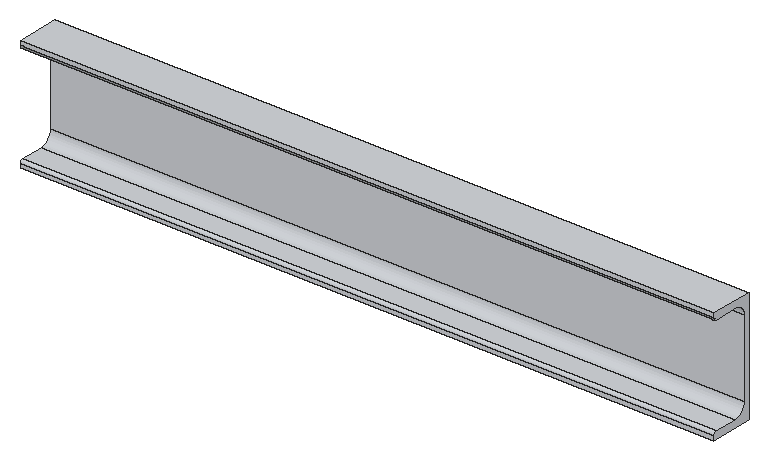
Revit family "StructuralFraming_ChannelProfile", category Structural Framing, Revit 2018
Family settings
  Structural Framing Length Roundoff = 1 mm
  Section Shape = C-channel Parallel Flange
  Material for Model Behavior = Steel
  Always export as geometry = No
  Always vertical = Yes
  Cut with Voids When Loaded = No
  Symbolic Representation = From Project Settings
  Shared = No
  Show family pre-cut in plan views = Yes
Parameters (values of type "ChannelProfile")
  Width = 74.8 mm
  Web Toe of Fillet = 0 mm
  Web Thickness = 8 mm
  Web Fillet = 20 mm
  Warping Constant = (empty or 0)
  Torsional Moment of Inertia = 0 cm⁴
  Torsional Modulus = 0 cm³
  Structural Material [instance] = none
  Shear Area weak axis = 0.0 cm²
  Shear Area strong axis = 0.0 cm²
  Section Area = 0.0 cm²
  Principal Axes Angle = 0.00°
  Plastic Modulus weak axis = 0 cm³
  Plastic Modulus strong axis = 0 cm³
  Perimeter = (empty or 0)
  Nominal Weight = 0 N/m
  Moment of Inertia weak axis = 0 cm⁴
  Moment of Inertia strong axis = 0 cm⁴
  Height = 200 mm
  Flange Toe of Fillet = 5 mm
  Flange Thickness = 12 mm
  Elastic Modulus weak axis = 0 cm³
  Elastic Modulus strong axis = 0 cm³
  Clear Web Height = 0 mm
  Centroid Vertical = 0 mm
  Centroid Horizontal = 22 mm
  Bolt Spacing = 0 mm
  built-in parameter 1005539 = (empty or 0)
  Assembly Code = ""
  Length [instance] = 1500 mm
Reference planes
  plane 1 "Center (Front/Back)": y = 0
  plane 2: z = 0
  plane 3 "Center (Left/Right)": x = 4.61
  plane 4 "Member Left": x = -604.99
  plane 5 "Member Right": x = 614.21
  plane 6 "Top": z = 100
  plane 7: z = -100
  plane 8 "Left": x = -757.39
  plane 9 "Right": x = 742.61
  plane 10: y = -22
  plane 11: y = 52.8
Forms (mm)
  Sweep 1, solid, material <- "Structural Material", detail levels fine
    path origin (0, 0, 0) x (1, 0, 0) y (0, 1, 0)
      loop
        line (614.21, 0) -> (-604.99, 0)
    profile "ChannelProfile-Fine : ChannelProfile-Fine" origin (4.61, 0, 0) x (0, -1, 0) y (0, 0, 1)
      loop
        line (-22, -100) -> (52.8, -100) -> (52.8, -93)
        arc (52.8, -93) -> (51.336, -89.464) -> (47.8, -88) r 5
        line (47.8, -88) -> (6, -88)
        arc (6, -88) -> (-8.142, -82.142) -> (-14, -68) r 20
        line (-14, -68) -> (-14, 68)
        arc (-14, 68) -> (-8.142, 82.142) -> (6, 88) r 20
        line (6, 88) -> (47.8, 88)
        arc (47.8, 88) -> (51.336, 89.464) -> (52.8, 93) r 5
        line (52.8, 93) -> (52.8, 100) -> (-22, 100) -> (-22, -100)
  Sweep 2, solid, material <- "Structural Material", detail levels medium
    path origin (0, 0, 0) x (1, 0, 0) y (0, 1, 0)
      loop
        line (614.21, 0) -> (-604.99, 0)
    profile "ChannelProfile-Medium : ChannelProfile-Medium" origin (4.61, 0, 0) x (0, -1, 0) y (0, 0, 1)
      loop
        line (-22, -100) -> (52.8, -100) -> (52.8, -88) -> (-14, -88) -> (-14, 88) -> (52.8, 88) -> (52.8, 100) -> (-22, 100) -> (-22, -100)
Lines and regions (mm)
  symbolic lines, style "Hidden Faces", detail levels medium+fine
    curve 1: line (-604.99, 77, 0) -> (614.21, 77, 0)
    curve 2: line (-604.99, 77, 86.531) -> (614.21, 77, 86.531)
    curve 3: line (-604.99, 77, -86.531) -> (614.21, 77, -86.531)
  symbolic lines, style "Stick Symbols", detail levels coarse
    curve 4: line (4.61, -22, 100) -> (4.61, 52.8, 100)
    curve 5: line (4.61, -22, -100) -> (4.61, -22, 100)
    curve 6: line (4.61, 52.8, -100) -> (4.61, -22, -100)
Dimensions and locks
  "Height": plane 7 to plane 6 "Top"
  equal spacing: plane 7, plane 2, plane 6 "Top"
  "Length": plane 8 "Left" to plane 9 "Right"
  "Centroid Horizontal": plane 1 "Center (Front/Back)" to plane 10
  "Width": plane 11 to plane 10
  aligned and locked: plane 4 "Member Left" to curve 1
  aligned and locked: plane 5 "Member Right" to curve 1
  aligned and locked: plane 4 "Member Left" to curve 2
  aligned and locked: plane 5 "Member Right" to curve 2
  aligned and locked: plane 4 "Member Left" to curve 3
  aligned and locked: plane 5 "Member Right" to curve 3
  aligned and locked: curve 5 to plane 10
Automatic sketch dimensions
  curve 1 to plane 11 = 24.2 mm
  curve 3 to plane 7 = 13.469 mm
  plane 6 "Top" to curve 2 = 13.469 mm
  plane 1 "Center (Front/Back)" to Sweep 1 sketch curve = 0 mm
  Sweep 1 sketch curve to plane 4 "Member Left" = 0 mm
  Sweep 1 sketch curve to plane 5 "Member Right" = 0 mm
  plane 1 "Center (Front/Back)" to Sweep 2 sketch curve = 0 mm
  Sweep 2 sketch curve to plane 4 "Member Left" = 0 mm
  Sweep 2 sketch curve to plane 5 "Member Right" = 0 mm
  plane 7 to curve 6 = 0 mm
  curve 6 to plane 11 = 0 mm
  plane 6 "Top" to curve 4 = 0 mm
  curve 4 to plane 11 = 0 mm
